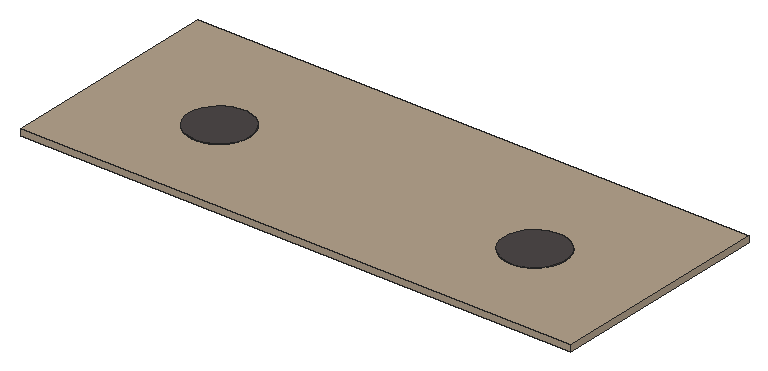
Revit family "console with 2 cutout for bowl without tap hole", category Furniture, Revit 2019 (continued)
Types (16, lengths in mm): name | WEIGHT | SURFACE | SPECIFICATION | PRODUCTURL | PERMALINK | NB | NAME | Model | MIdent | LODLEVEL | LINA | LC | L | GTINCODE | Console 1560_550 with 2 cutouts for bowl without tap hole-54119910-DIAMOND_GREY-400_RX0RY0RZ0TX0TY0TZ0_V | Console 1560_550 with 2 cutouts for bowl without tap hole-54119910-DIAMOND_GREY-200_RX0RY0RZ0TX0TY0TZ0_V | Console 1560_550 with 2 cutouts for bowl without tap hole-54119630-DARK_WALNUT-400_RX0RY0RZ0TX0TY0TZ0_V | Console 1560_550 with 2 cutouts for bowl without tap hole-54119630-DARK_WALNUT-200_RX0RY0RZ0TX0TY0TZ0_V | Console 1560_550 with 2 cutouts for bowl without tap hole-54119230-NATURAL_OAK-400_RX0RY0RZ0TX0TY0TZ0_V | Console 1560_550 with 2 cutouts for bowl without tap hole-54119230-NATURAL_OAK-200_RX0RY0RZ0TX0TY0TZ0_V | Console 1560_550 with 2 cutouts for bowl without tap hole-54119050-GLOSSY_WHITE-400_RX0RY0RZ0TX0TY0TZ0_V | Console 1560_550 with 2 cutouts for bowl without tap hole-54119050-GLOSSY_WHITE-200_RX0RY0RZ0TX0TY0TZ0_V | Console 1360_550 with 2 cutouts for bowl without tap hole-54118910-DIAMOND_GREY-400_RX0RY0RZ0TX0TY0TZ0_V | Console 1360_550 with 2 cutouts for bowl without tap hole-54118910-DIAMOND_GREY-200_RX0RY0RZ0TX0TY0TZ0_V | Console 1360_550 with 2 cutouts for bowl without tap hole-54118630-DARK_WALNUT-400_RX0RY0RZ0TX0TY0TZ0_V | Console 1360_550 with 2 cutouts for bowl without tap hole-54118630-DARK_WALNUT-200_RX0RY0RZ0TX0TY0TZ0_V | Console 1360_550 with 2 cutouts for bowl without tap hole-54118230-NATURAL_OAK-400_RX0RY0RZ0TX0TY0TZ0_V | Console 1360_550 with 2 cutouts for bowl without tap hole-54118230-NATURAL_OAK-200_RX0RY0RZ0TX0TY0TZ0_V | Console 1360_550 with 2 cutouts for bowl without tap hole-54118050-GLOSSY_WHITE-400_RX0RY0RZ0TX0TY0TZ0_V | Console 1360_550 with 2 cutouts for bowl without tap hole-54118050-GLOSSY_WHITE-200_RX0RY0RZ0TX0TY0TZ0_V | BASENUMBER | ARTNR
  Console 1560_550 with 2 cutouts for bowl without tap hole-54119910-DIAMOND_GREY-400 | "13.3" | "DIAMOND_GREY" | "Surfaces:    - 54119050 High Gloss White  - 54119910 Diamond Matt Grey  - 54119230 Natural Oak  - 54119630 Dark Walnut      Specification:" | "https://pro.hansgrohe.com/articledetail--54119050" | "54119XXX" | "Console 1560/550 with 2 cutouts for bowl without tap hole-54119910-DIAMOND_GREY-400" | "Xelu Q Console 1560/550 with 2 cutouts for bowl without tap hole" | "Console 1560/550 with 2 cutouts for bowl without tap hole-54119910-DIAMOND_GREY-400" | "{$CADENAS_DATA/23d-libs/hansgrohe/xelu_furniture/console_with_cutout_for_bowl_without_tap_hole/console_with_2_cutout_for_bowl_without_taphole.prj},355 {VTYP=3D},{NB=Console 1560/550 with 2 cutouts for bowl without tap hole-54119910-DIAMOND_GREY-400},{LINA=Console 1560/550 with 2 cutouts for bowl without tap hole-54119910-DIAMOND_GREY-400},{NN=Console with 2 cutout for bowl without tap hole},{DATE=10.03.2023 08:15:32},{GEOMDATE=08.03.2023 13:15:05},{VERSION=},{LINEID=50},{WBVAR=LODLEVEL},{WBNUMERIC=}  {NB=Console 1560/550 with 2 cutouts for bowl without tap hole-54119910-DIAMOND_GREY-400},{LINA=Console 1560/550 with 2 cutouts for bowl without tap hole-54119910-DIAMOND_GREY-400},{KT=DUMMY},{IDNR=5},{ARTNR=54119910},{BASENUMBER=Console 1560/550 with 2 cutouts for bowl without tap hole},{MODEL=54119XXX},{SURFACE=DIAMOND_GREY},{L=1560},{LODLEVEL=400},{LODLEVELX='400','400','200','200'},{R=75},{LC=490},{NAME=Xelu Q Console 1560/550 with 2 cutouts for bowl without tap hole},{PERMALINK=54119XXX},{OBJECTTYPE=Object (single object)},{BIMOBJECT=Sanitary: Compound units},{PRODUCTFAMILY=Xelu Q},{PRODUCTGROUP=console},{WEIGHT=13.3},{DESCRIPTION=Xelu Q Console 1560/550 with 2 cutouts for bowl without tap hole},{SPECIFICATION=Surfaces:    - 54119050 High Gloss White  - 54119910 Diamond Matt Grey  - 54119230 Natural Oak  - 54119630 Dark Walnut      Specification:},{PRODUCTURL=https://pro.hansgrohe.com/articledetail--54119050},{GTINCODE=4059625457696},{TENDERURL=},{IFC=Furnishing element},{ETIM=EC011381 | Bathroom furniture set},{UNICLASS2015=Pr_40_20_76_94 | Vanity units},{OMNICLASS=23-19 31 17 11 | Bathroom Units},{MASTERFORMAT=12 35 30.23 | Bathroom Casework},{UNSPSC=56 | Furniture and Furnishings},{UNIFORMATII=E2010 | Fixed Furnishings},{REGIONSET=Worldwide},{DESIGN=Germany},{MANUFACTURER=Germany}" | "400" | "Console 1560/550 with 2 cutouts for bowl without tap hole-54119910-DIAMOND_GREY-400" | 490 | 1560 | "4059625457696" | yes | no | no | no | no | no | no | no | no | no | no | no | no | no | no | no | "Console 1560/550 with 2 cutouts for bowl without tap hole" | "54119910"
